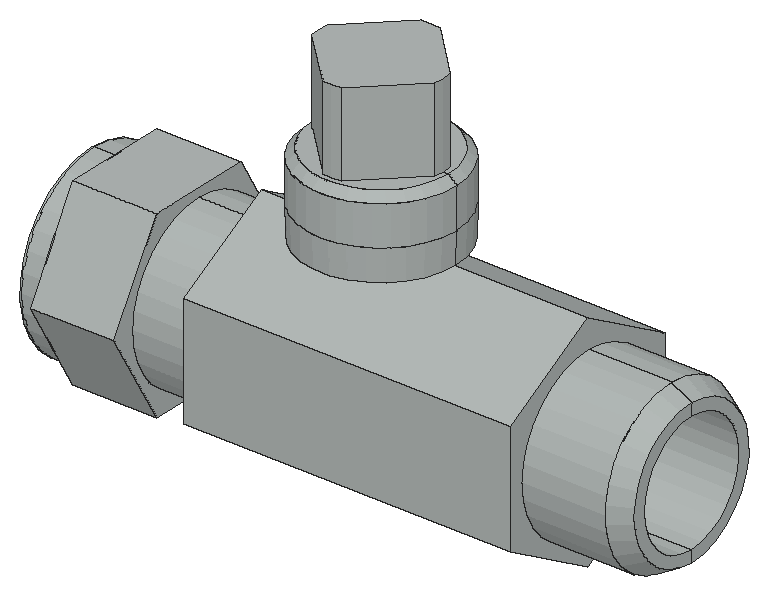
Revit family "QL12300000", category Apparecchi idraulici, Revit 2020
Family settings
  Quota connettore circolare = Usa diametro
  Tipo di parte = Normale
  Numero OmniClass = 23.45.00.00
  Titolo OmniClass = Sanitary, Laundry, and Cleaning Equipment
  Basato su piano di lavoro = No
  Sempre verticale = Sì
  Taglio con vuoti quando caricato = No
  Condiviso = No
  Punto di calcolo locali = No
Parameters
  URL = "https://web.cimberio.com/index.php/figura/45?subcategoria_id=47"
  Temperatura di esercizio = "-20 ÷ 95°C"
  Prospetto di default = 0 mm
  Produttore = "CIMBERIO SPA"
  Pressione nominale = "PN 150"
  Modello = "Cim 022"
  Materiale = "Prodotto in lega di ottone conforme alla norma EN 12165-CW617N-DW"
  Descrizione = "Realizzato in ottemperanza ai requisiti gestionali della norma EN ISO 9001.\r\nUtilizzato per la regolazione della temperatura degli ambienti e comandare apparecchi degli impianti di riscaldamento e condizionamento."
  DN Model [instance] = QL12303110 : QL12303110
  DN [instance] = 15 mm
  Commenti sul tipo = "Utilizzato nei più svariati settori dell'impiantistica: impianti di riscaldamento, condizionamento, idrici, igienico-sanitari, aria compressa e in generale con ogni fluido non corrosivo"
Reference planes
  plane 1 "Centro (Fronte/Retro)": y = 0
  plane 2: z = 0
  plane 3 "Centro (Sinistra/Destra)": x = 0
Dimensions and locks
  aligned and locked: level to plane 2
Nested families
  nested 1: "QL12303110" at (0, 0, 0), type <- "DN Model", type "QL12303110"
  nested 2: "QL12303110" at (0, 0, 0), type <- "DN Model", type "QL12303110"
  nested 3: "QL12303110" at (0, 0, 0), type <- "DN Model", type "QL12303110"
  nested 4: "QL12303110" at (0, 0, 0), type <- "DN Model", type "QL12303110"
Connectors
  piping at (25.957, 0, 14), diameter 15, driven by "DN"
    settings: on nested 1, index 1, connector inside diameter 609.6 mm, connector length 0 mm, flow factor 0, pipe flow 0.0 L/s, pressure drop 0.0 Pa, fitting loss kfactor 0, connector angle 0.00°, fixture units 0, engagement length 0 mm, angle of deflection 0.00°, flow configuration 0, flow direction 0, fitting loss method 0, system type 7, joint type 0, gender type 0, connector reference index -1, connector utility 0, adjustable connector no, is connector primary yes, connector description ""
  piping at (-33.766, 0, 11.9), diameter 15, driven by "DN"
    settings: on nested 1, index 2, connector inside diameter 609.6 mm, connector length 0 mm, flow factor 0, pipe flow 0.0 L/s, pressure drop 0.0 Pa, fitting loss kfactor 0, connector angle 0.00°, fixture units 0, engagement length 0 mm, angle of deflection 0.00°, flow configuration 0, flow direction 0, fitting loss method 0, system type 7, joint type 0, gender type 0, connector reference index -1, connector utility 0, adjustable connector no, is connector primary no, connector description ""
Definition of nested family "QL12303110"
  Parameters (values of type "QL12303110")
    URL = "https://web.cimberio.com/index.php/figura/1418?subcategoria_id="
    Temperatura di esercizio = "-10 ÷ 110°C"
    Default Elevation = 0 mm
    Manufacturer = "CIMBERIO SPA"
    Pressione nominale = "PN 10"
    Model = "Cim 150VIC"
    Materiale = "Prodotto in lega di ottone conforme alla norma EN 12165-CW617N-DW"
    Description = "Utilizzato nei più svariati settori dell'impiantistica: impianti di riscaldamento, condizionamento, idrici, igienico-sanitari e in generale con ogni fluido non corrosivo"
    DN Model [instance] = HG00081015 : HG00081015
    DN [instance] = 15 mm
    Type Comments = "Realizzato in ottemperanza ai requisiti gestionali della norma EN ISO 9001.\r\nCollaudato al 100% secondo la normativa EN 12266-1"
  Reference planes
    plane 1 "Centro (Fronte/Retro)": y = 0
    plane 2: z = 0
    plane 3 "Centro (Sinistra/Destra)": x = 0
  Forms (mm)
    Extrusion 1, solid
      sketch origin (0, 0, 14) x (0, 1, 0) y (0, 0, 1)
        loop
          circle (0, 0) r 7.5
        loop
          line (0, 14) -> (-12.124, 7) -> (-12.124, -7) -> (0, -14) -> (12.124, -7) -> (12.124, 7) -> (0, 14)
      from -15.043 to 25.957
    Revolve 2, solid
      sketch origin (-0.985, 0, 0) x (1, 0, 0) y (0, 0, 1)
        loop
          line (-14.058, 24.427) -> (-24.564, 24.422) -> (-27.063, 22.977) -> (-27.063, 21.5) -> (-14.058, 21.5) -> (-14.058, 24.427)
        axis (-14.058, 14) -> (-27.063, 14)
      angle from 0 to 360
    Revolve 3, solid
      sketch origin (0, 0, 0) x (1, 0, 0) y (0, 0, 1)
        loop
          line (-33.443, 25.5) -> (-35.943, 25.5)
          arc (-35.943, 25.5) -> (-36.296, 25.354) -> (-36.443, 25) r 0.5
          line (-36.443, 25) -> (-36.443, 21.5) -> (-33.443, 21.5) -> (-33.443, 25.5)
        axis (-36.443, 14) -> (-33.443, 14)
      angle from 0 to 360
    Extrusion 4, solid
      sketch origin (0, 0, 0) x (0, 1, 0) y (0, 0, 1)
        loop
          circle (0, 14) r 7.5
        loop
          line (-13.25, 14) -> (-6.625, 2.525) -> (6.625, 2.525) -> (13.25, 14) -> (6.625, 25.475) -> (-6.625, 25.475) -> (-13.25, 14)
      from -33.443 to -22.943
    Revolve 5, solid
      sketch origin (0, 0, 4.297) x (1, 0, 0) y (0, 0, 1)
        loop
          line (9.5, 32.758) -> (8.5, 33.758) -> (0, 33.758) -> (0, 23.8) -> (9.397, 23.8) -> (9.5, 27.758) -> (9.5, 32.758)
        axis (0, 33.758) -> (0, 23.8)
      angle from 0 to 360
    Extrusion 6, solid
      sketch origin (0, 0, 4.297) x (1, 0, 0) y (0, 1, 0)
        loop
          arc (-7.707, 1.199) -> (-7.8, -0.004) -> (-7.707, -1.207) r 7.8
          line (-7.707, -1.207) -> (-1.203, -7.711)
          arc (-1.203, -7.711) -> (0, -7.804) -> (1.203, -7.711) r 7.8
          line (1.203, -7.711) -> (7.707, -1.207)
          arc (7.707, -1.207) -> (7.8, -0.004) -> (7.707, 1.199) r 7.8
          line (7.707, 1.199) -> (1.203, 7.703)
          arc (1.203, 7.703) -> (0, 7.796) -> (-1.203, 7.703) r 7.8
          line (-1.203, 7.703) -> (-7.707, 1.199)
      from 33.758 to 44.258
    Revolve 7, solid
      sketch origin (11.899, 0, 0) x (-1, 0, 0) y (0, 0, -1)
        loop
          line (-14.058, -24.427) -> (-14.058, -21.5) -> (-27.063, -21.5) -> (-27.063, -22.977) -> (-24.564, -24.422) -> (-14.058, -24.427)
        axis (-14.058, -14) -> (-27.063, -14)
      angle from 0 to 360
  Dimensions and locks
    aligned and locked: level to plane 2
